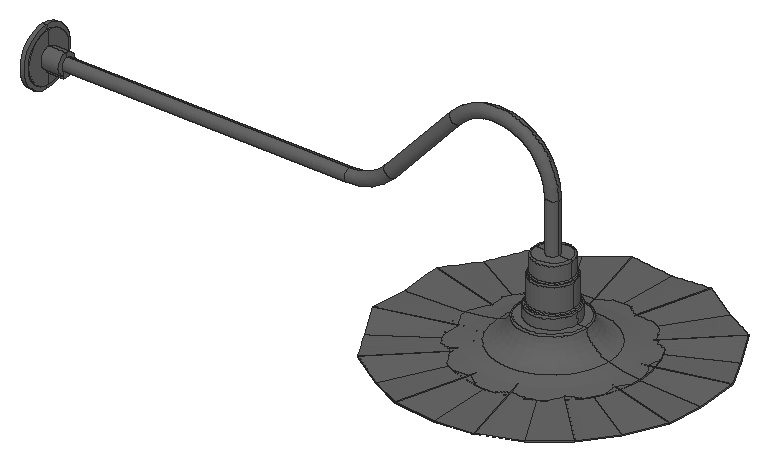
Revit family "Radial 8,12,16,18,20,24 MB", category Lighting Fixtures, Revit 2020 (continued)
Definition of nested family "R908_1"
  Definition of nested family "R908"
    Forms (in)
      SweptBlend 8, solid, material <- "BODY", visible <- "R908"
        path in 3D
          loop
            line (1.2523, 2.16578, 0.20086) -> (1.98612, 3.47207, 0.12929)
        profile origin (1.2523, 2.16578, 0.20086) x (-0.002361, 0.056025, 0.998427) y (0.872159, -0.488335, 0.029465)
          loop
            line (0.0552, -0.81122) -> (0.03124, 0.00092) -> (0.00727, 0.81307) -> (-0.0552, 0.81122) -> (-0.03124, -0.00092) -> (-0.00727, -0.81307) -> (0.0552, -0.81122)
        end profile origin (1.98612, 3.47207, 0.12929) x (-0.002361, 0.056025, 0.998427) y (0.872159, -0.488335, 0.029465)
          loop
            line (0.22658, 1.0511) -> (0.09789, 1.0473) -> (-0.12869, -0.0038) -> (0.15948, -1.0397) -> (0.28817, -1.03591) -> (0, 0) -> (0.22658, 1.0511)
      SweptBlend 9, solid, material <- "BODY", visible <- "R908"
        path in 3D
          loop
            line (0.00163, 2.50177, 0.20086) -> (-0.016, 3.99996, 0.12929)
        profile origin (0.00163, 2.50177, 0.20086) x (0.007958, 0.047805, 0.998825) y (0.999899, 0.01136, -0.00851)
          loop
            line (0.02433, -0.81274) -> (0.03125, -0.00027) -> (0.03817, 0.8122) -> (-0.02433, 0.81274) -> (-0.03125, 0.00027) -> (-0.03817, -0.8122) -> (0.02433, -0.81274)
        end profile origin (-0.016, 3.99996, 0.12929) x (0.007958, 0.047805, 0.998825) y (0.999899, 0.01136, -0.00851)
          loop
            line (0.26637, 1.04172) -> (0.13763, 1.04282) -> (-0.12874, 0.0011) -> (0.11984, -1.04501) -> (0.24858, -1.04611) -> (0, 0) -> (0.26637, 1.04172)
      SweptBlend 10, solid, material <- "BODY", visible <- "R908"
        path in 3D
          loop
            line (-1.24947, 2.16741, 0.20086) -> (-2.01384, 3.45607, 0.12929)
        profile origin (-1.24947, 2.16741, 0.20086) x (0.12027, 0.126023, 0.98471) y (0.851979, 0.496045, -0.167542)
          loop
            line (-0.10548, -0.80623) -> (0.03081, -0.00524) -> (0.16709, 0.79575) -> (0.10548, 0.80623) -> (-0.03081, 0.00524) -> (-0.16709, -0.79575) -> (-0.10548, -0.80623)
        end profile origin (-2.01384, 3.45607, 0.12929) x (0.12027, 0.126023, 0.98471) y (0.851979, 0.496045, -0.167542)
          loop
            line (0.42895, 0.98598) -> (0.30202, 1.00757) -> (-0.12692, 0.02159) -> (-0.04819, -1.05076) -> (0.07873, -1.07235) -> (0, 0) -> (0.42895, 0.98598)
      SweptBlend 11, solid, material <- "BODY", visible <- "R908"
        path in 3D
          loop
            line (-2.16578, 1.2523, 0.20086) -> (-3.47207, 1.98612, 0.12929)
        profile origin (-2.16578, 1.2523, 0.20086) x (0.186285, 0.23866, -0.953068) y (-0.454871, -0.838873, -0.298972)
          loop
            line (-0.27301, 0.7659) -> (-0.02982, -0.00935) -> (0.21337, -0.7846) -> (0.27301, -0.7659) -> (0.02982, 0.00935) -> (-0.21337, 0.7846) -> (-0.27301, 0.7659)
        end profile origin (-3.47207, 1.98612, 0.12929) x (0.186285, 0.23866, -0.953068) y (-0.454871, -0.838873, -0.298972)
          loop
            line (0.06679, -1.07317) -> (0.18963, -1.03463) -> (0.12284, 0.03854) -> (-0.43531, 0.95756) -> (-0.55815, 0.91903) -> (0, 0) -> (0.06679, -1.07317)
      SweptBlend 12, solid, material <- "BODY", visible <- "R908"
        path in 3D
          loop
            line (-2.50177, 0.00163, 0.20086) -> (-3.99996, -0.016, 0.12929)
        profile origin (-2.50177, 0.00163, 0.20086) x (-0.011829, 0.999929, 0.001315) y (0.047691, 0.001878, -0.99886)
          loop
            line (-0.81246, -0.03232) -> (0.00004, -0.03125) -> (0.81254, -0.03018) -> (0.81246, 0.03232) -> (-0.00004, 0.03125) -> (-0.81254, 0.03018) -> (-0.81246, -0.03232)
        end profile origin (-3.99996, -0.016, 0.12929) x (-0.011829, 0.999929, 0.001315) y (0.047691, 0.001878, -0.99886)
          loop
            line (1.04429, -0.25611) -> (1.04412, -0.12737) -> (-0.00017, 0.12875) -> (-1.04379, -0.13012) -> (-1.04362, -0.25886) -> (0, 0) -> (1.04429, -0.25611)
      SweptBlend 13, solid, material <- "BODY", visible <- "R908"
        path in 3D
          loop
            line (-2.16741, -1.24947, 0.20086) -> (-3.45607, -2.01384, 0.12929)
        profile origin (-2.16741, -1.24947, 0.20086) x (-0.000547, 0.094133, -0.99556) y (0.511803, -0.855262, -0.081148)
          loop
            line (-0.09715, 0.80728) -> (-0.03115, -0.00254) -> (0.03486, -0.81235) -> (0.09715, -0.80728) -> (0.03115, 0.00254) -> (-0.03486, 0.81235) -> (-0.09715, 0.80728)
        end profile origin (-3.45607, -2.01384, 0.12929) x (-0.000547, 0.094133, -0.99556) y (0.511803, -0.855262, -0.081148)
          loop
            line (-0.17183, -1.06142) -> (-0.0435, -1.05096) -> (0.12832, 0.01046) -> (-0.21313, 1.03005) -> (-0.34145, 1.01959) -> (0, 0) -> (-0.17183, -1.06142)
    Lines and regions (in)
      sketch lines
        curve 1: line (-0.00163, -2.50177, 0.20086) -> (0.016, -3.99996, 0.12929)
        curve 2: line (-1.2523, -2.16578, 0.20086) -> (-1.98612, -3.47207, 0.12929)
        curve 3: line (1.24947, -2.16741, 0.20086) -> (2.01384, -3.45607, 0.12929)
        curve 4: line (2.16578, -1.2523, 0.20086) -> (3.47207, -1.98612, 0.12929)
        curve 5: line (2.50177, -0.00163, 0.20086) -> (3.99996, 0.016, 0.12929)
        curve 6: line (2.16741, 1.24947, 0.20086) -> (3.45607, 2.01384, 0.12929)
        curve 7: line (1.2523, 2.16578, 0.20086) -> (1.98612, 3.47207, 0.12929)
        curve 8: line (0.00163, 2.50177, 0.20086) -> (-0.016, 3.99996, 0.12929)
        curve 9: line (-1.24947, 2.16741, 0.20086) -> (-2.01384, 3.45607, 0.12929)
        curve 10: line (-2.16578, 1.2523, 0.20086) -> (-3.47207, 1.98612, 0.12929)
        curve 11: line (-2.50177, 0.00163, 0.20086) -> (-3.99996, -0.016, 0.12929)
        curve 12: line (-2.16741, -1.24947, 0.20086) -> (-3.45607, -2.01384, 0.12929)
    Dimensions and locks (in)
      plane 5 to plane 3 "Center (Left/Right)" = 0' - 4"
      plane 4 to plane 2 = 0' - 4 1/2"
      plane 6 to plane 1 "Center (Front/Back)" = 0' - 4"
      aligned and locked: plane 2 to level
Definition of nested family "R912_1"
  Parameters (values of type "R912_1")
    R912 [instance] = yes
    Light Elevation [instance] = 1' - 5.38909"
    Default Elevation = 0' - 0"
    Body [instance] = none
  Reference planes (in)
    plane 1 "Center (Front/Back)": y = 0
    plane 2: z = 0
    plane 3 "Center (Left/Right)": x = 0
    plane 4: z = 17.38909
  Dimensions and locks (in)
    "Light Elevation": plane 4 to plane 2
    aligned and locked: plane 2 to level
    aligned and locked: plane 3 "Center (Left/Right)" to nested 1
    aligned and locked: plane 1 "Center (Front/Back)" to nested 1
    aligned and locked: plane 4 to nested 1
  Nested families (in)
    nested 1: "R912" at (0, 0, 12.26409), BODY <- "Body", visible <- "R912", R912 <- "R912", type "R912"
      with R912 yes, BODY none
  Definition of nested family "R912"
    Parameters (values of type "R912")
      R912 [instance] = yes
      BODY [instance] = none
      Default Elevation = 0' - 0"
    Reference planes (in)
      plane 1 "Center (Front/Back)": y = 0
      plane 2: z = 0
      plane 3 "Center (Left/Right)": x = 0
      plane 4: z = 5.125
      plane 5: x = 6
      plane 6: y = 6
      plane 7: x = -6
      plane 8: y = -6
    Forms (in)
      Revolve 1, solid, material <- "BODY", visible <- "R912"
        sketch origin (0, 0, -13.05469) x (1, 0, 0) y (0, 0, 1)
          loop
            line (-1.15625, 18.05469) -> (-1.15625, 17.26029)
            arc (-1.15625, 17.26029) -> (-1.17104, 17.2013) -> (-1.21191, 17.15628) r 0.125
            line (-1.21191, 17.15628) -> (-1.28809, 17.1055)
            arc (-1.28809, 17.1055) -> (-1.32896, 17.06047) -> (-1.34375, 17.00149) r 0.125
            line (-1.34375, 17.00149) -> (-1.34375, 15.92689)
            arc (-1.34375, 15.92689) -> (-1.36242, 15.86118) -> (-1.41285, 15.81509) r 0.125
            line (-1.41285, 15.81509) -> (-1.52532, 15.75885)
            arc (-1.52532, 15.75885) -> (-1.57547, 15.71323) -> (-1.59442, 15.64814) r 0.125
            line (-1.59442, 15.64814) -> (-1.60248, 14.72464) -> (-1.8492, 14.72464)
            arc (-1.8492, 14.72464) -> (-3.1843, 13.9002) -> (-4.6464, 13.33062) r 8.64651
            line (-4.6464, 13.33062) -> (-4.57035, 13.27737)
            arc (-4.57035, 13.27737) -> (-3.11423, 13.83998) -> (-1.78725, 14.66214) r 8.40536
            line (-1.78725, 14.66214) -> (-1.54052, 14.66214) -> (-1.53192, 15.64759)
            arc (-1.53192, 15.64759) -> (-1.52244, 15.68014) -> (-1.49737, 15.70295) r 0.0625
            line (-1.49737, 15.70295) -> (-1.3849, 15.75919)
            arc (-1.3849, 15.75919) -> (-1.30925, 15.82832) -> (-1.28125, 15.92689) r 0.1875
            line (-1.28125, 15.92689) -> (-1.28125, 17.00149)
            arc (-1.28125, 17.00149) -> (-1.27385, 17.03098) -> (-1.25342, 17.05349) r 0.0625
            line (-1.25342, 17.05349) -> (-1.17724, 17.10428)
            arc (-1.17724, 17.10428) -> (-1.11594, 17.17181) -> (-1.09375, 17.26029) r 0.1875
            line (-1.09375, 17.26029) -> (-1.09375, 18.06839)
            arc (-1.09375, 18.06839) -> (-1.07544, 18.11258) -> (-1.03125, 18.13089) r 0.0625
            line (-1.03125, 18.13089) -> (-0.1875, 18.13089) -> (-0.1875, 18.17969) -> (-1.03125, 18.17969)
            arc (-1.03125, 18.17969) -> (-1.11964, 18.14308) -> (-1.15625, 18.05469) r 0.125
          axis (0, 18.17969) -> (0, 13.27737)
        angle from 0 to 360
      SweptBlend 2, solid, material <- "BODY", visible <- "R912"
        path in 3D
          loop
            line (-0.00001, -4.26206, 0.20086) -> (-0.00062, -6.01007, 0.11737)
        profile origin (-0.00001, -4.26206, 0.20086) x (0.006605, 0.047706, -0.99884) y (0.999978, -0.000663, 0.006581)
          loop
            line (-0.0259, 0.81269) -> (-0.03125, 0.00021) -> (-0.0366, -0.81228) -> (0.0259, -0.81269) -> (0.03125, -0.00021) -> (0.0366, 0.81228) -> (-0.0259, 0.81269)
        end profile origin (-0.00062, -6.01007, 0.11737) x (0.006605, 0.047706, -0.99884) y (0.999978, -0.000663, 0.006581)
          loop
            line (-0.26436, -1.04224) -> (-0.13562, -1.04308) -> (0.12874, -0.00085) -> (-0.12186, 1.04478) -> (-0.25061, 1.04563) -> (0, 0) -> (-0.26436, -1.04224)
      SweptBlend 3, solid, material <- "BODY", visible <- "R912"
        path in 3D
          loop
            line (-1.45772, -4.00502, 0.20086) -> (-2.05615, -5.6474, 0.11737)
        profile origin (-1.45772, -4.00502, 0.20086) x (-0.439726, 0.204677, -0.874499) y (0.830485, -0.278063, -0.482675)
          loop
            line (-0.41998, 0.69624) -> (-0.02736, -0.0151) -> (0.36526, -0.72644) -> (0.41998, -0.69624) -> (0.02736, 0.0151) -> (-0.36526, 0.72644) -> (-0.41998, 0.69624)
        end profile origin (-2.05615, -5.6474, 0.11737) x (-0.439726, 0.204677, -0.874499) y (0.830485, -0.278063, -0.482675)
          loop
            line (0.27904, -1.0384) -> (0.39175, -0.97619) -> (0.11272, 0.06221) -> (-0.61718, 0.85177) -> (-0.7299, 0.78955) -> (0, 0) -> (0.27904, -1.0384)
      SweptBlend 4, solid, material <- "BODY", visible <- "R912"
        path in 3D
          loop
            line (1.4577, -4.00503, 0.20086) -> (2.05498, -5.64783, 0.11737)
        profile origin (1.4577, -4.00503, 0.20086) x (0.510659, 0.227799, -0.829057) y (0.789138, 0.258597, 0.557126)
          loop
            line (0.42724, 0.69181) -> (-0.02594, 0.01743) -> (-0.47912, -0.65695) -> (-0.42724, -0.69181) -> (0.02594, -0.01743) -> (0.47912, 0.65695) -> (0.42724, 0.69181)
        end profile origin (2.05498, -5.64783, 0.11737) x (0.510659, 0.227799, -0.829057) y (0.789138, 0.258597, 0.557126)
          loop
            line (-0.79599, -0.72287) -> (-0.68913, -0.79468) -> (0.10686, -0.07181) -> (0.47542, 0.93829) -> (0.36856, 1.0101) -> (0, 0) -> (-0.79599, -0.72287)
      SweptBlend 5, solid, material <- "BODY", visible <- "R912"
        path in 3D
          loop
            line (2.73959, -3.26493, 0.20086) -> (3.86272, -4.60438, 0.11737)
        profile origin (2.73959, -3.26493, 0.20086) x (0.004788, 0.066211, -0.997794) y (0.766866, 0.640145, 0.046158)
          loop
            line (0.00633, 0.81308) -> (-0.03122, 0.00144) -> (-0.06876, -0.81019) -> (-0.00633, -0.81308) -> (0.03122, -0.00144) -> (0.06876, 0.81019) -> (0.00633, 0.81308)
        end profile origin (3.86272, -4.60438, 0.11737) x (0.004788, 0.066211, -0.997794) y (0.766866, 0.640145, 0.046158)
          loop
            line (-0.30546, -1.03094) -> (-0.17685, -1.03689) -> (0.12861, -0.00595) -> (-0.08036, 1.04879) -> (-0.20897, 1.05474) -> (0, 0) -> (-0.30546, -1.03094)
      SweptBlend 6, solid, material <- "BODY", visible <- "R912"
        path in 3D
          loop
            line (3.69104, -2.13104, 0.20086) -> (5.20456, -3.00557, 0.11737)
        profile origin (3.69104, -2.13104, 0.20086) x (-0.000101, 0.094865, -0.99549) y (0.502004, 0.860969, 0.081995)
          loop
            line (0.03555, 0.81232) -> (-0.03114, 0.00257) -> (-0.09784, -0.80719) -> (-0.03555, -0.81232) -> (0.03114, -0.00257) -> (0.09784, 0.80719) -> (0.03555, 0.81232)
        end profile origin (5.20456, -3.00557, 0.11737) x (-0.000101, 0.094865, -0.99549) y (0.502004, 0.860969, 0.081995)
          loop
            line (-0.34232, -1.0193) -> (-0.214, -1.02986) -> (0.12831, -0.01057) -> (-0.04261, 1.051) -> (-0.17092, 1.06157) -> (0, 0) -> (-0.34232, -1.0193)
      SweptBlend 7, solid, material <- "BODY", visible <- "R912"
        path in 3D
          loop
            line (4.19731, -0.74011, 0.20086) -> (5.91865, -1.04425, 0.11737)
        profile origin (4.19731, -0.74011, 0.20086) x (-0.015966, 0.179656, -0.9836) y (0.179514, 0.968256, 0.173939)
          loop
            line (0.11071, 0.80553) -> (-0.03077, 0.00544) -> (-0.17226, -0.79464) -> (-0.11071, -0.80553) -> (0.03077, -0.00544) -> (0.17226, 0.79464) -> (0.11071, 0.80553)
        end profile origin (5.91865, -1.04425, 0.11737) x (-0.015966, 0.179656, -0.9836) y (0.179514, 0.968256, 0.173939)
          loop
            line (-0.43535, -0.98317) -> (-0.30857, -1.00559) -> (0.12678, -0.02242) -> (0.05502, 1.05042) -> (-0.07176, 1.07284) -> (0, 0) -> (-0.43535, -0.98317)
      SweptBlend 8, solid, material <- "BODY", visible <- "R912"
        path in 3D
          loop
            line (4.19731, 0.74009, 0.20086) -> (5.91887, 1.04302, 0.11737)
        profile origin (4.19731, 0.74009, 0.20086) x (-0.172631, 0.984888, 0.013971) y (0.049407, -0.005508, 0.998764)
          loop
            line (0.81286, 0.01988) -> (0.00044, 0.03125) -> (-0.81198, 0.04261) -> (-0.81286, -0.01988) -> (-0.00044, -0.03125) -> (0.81198, -0.04261) -> (0.81286, 0.01988)
        end profile origin (5.91887, 1.04302, 0.11737) x (-0.172631, 0.984888, 0.013971) y (0.049407, -0.005508, 0.998764)
          loop
            line (-1.04025, 0.27206) -> (-1.04205, 0.14333) -> (-0.0018, -0.12873) -> (1.04565, 0.11413) -> (1.04745, 0.24286) -> (0, 0) -> (-1.04025, 0.27206)
      SweptBlend 9, solid, material <- "BODY", visible <- "R912"
        path in 3D
          loop
            line (3.69106, 2.13102, 0.20086) -> (5.20518, 3.00449, 0.11737)
        profile origin (3.69106, 2.13102, 0.20086) x (-0.038753, 0.161435, 0.986122) y (0.499904, -0.851357, 0.159019)
          loop
            line (0.1602, -0.79716) -> (0.03085, 0.00498) -> (-0.0985, 0.80711) -> (-0.1602, 0.79716) -> (-0.03085, -0.00498) -> (0.0985, -0.80711) -> (0.1602, -0.79716)
        end profile origin (5.20518, 3.00449, 0.11737) x (-0.038753, 0.161435, 0.986122) y (0.499904, -0.851357, 0.159019)
          loop
            line (0.08801, 1.07163) -> (-0.0391, 1.05114) -> (-0.1271, -0.0205) -> (0.2933, -1.01015) -> (0.4204, -0.98965) -> (0, 0) -> (0.08801, 1.07163)
      SweptBlend 10, solid, material <- "BODY", visible <- "R912"
        path in 3D
          loop
            line (2.73961, 3.26492, 0.20086) -> (3.86367, 4.60358, 0.11737)
        profile origin (2.73961, 3.26492, 0.20086) x (-0.020729, 0.079565, 0.996614) y (0.766154, -0.639158, 0.066963)
          loop
            line (0.08565, -0.80858) -> (0.03118, 0.00209) -> (-0.02329, 0.81277) -> (-0.08565, 0.80858) -> (-0.03118, -0.00209) -> (0.02329, -0.81277) -> (0.08565, -0.80858)
        end profile origin (3.86367, 4.60358, 0.11737) x (-0.020729, 0.079565, 0.996614) y (0.766154, -0.639158, 0.066963)
          loop
            line (0.18692, 1.05887) -> (0.05847, 1.05024) -> (-0.12846, -0.00863) -> (0.19844, -1.03298) -> (0.3269, -1.02435) -> (0, 0) -> (0.18692, 1.05887)
      SweptBlend 11, solid, material <- "BODY", visible <- "R912"
        path in 3D
          loop
            line (1.45772, 4.00502, 0.20086) -> (2.05615, 5.6474, 0.11737)
        profile origin (1.45772, 4.00502, 0.20086) x (-0.012585, 0.055339, 0.998388) y (0.939631, -0.340806, 0.030735)
          loop
            line (0.05624, -0.81115) -> (0.03124, 0.00096) -> (0.00623, 0.81308) -> (-0.05624, 0.81115) -> (-0.03124, -0.00096) -> (-0.00623, -0.81308) -> (0.05624, -0.81115)
        end profile origin (2.05615, 5.6474, 0.11737) x (-0.012585, 0.055339, 0.998388) y (0.939631, -0.340806, 0.030735)
          loop
            line (0.22524, 1.05138) -> (0.09656, 1.04742) -> (-0.12869, -0.00396) -> (0.1608, -1.0395) -> (0.28949, -1.03554) -> (0, 0) -> (0.22524, 1.05138)
      SweptBlend 12, solid, material <- "BODY", visible <- "R912"
        path in 3D
          loop
            line (0.00001, 4.26206, 0.20086) -> (0.00062, 6.01007, 0.11737)
        profile origin (0.00001, 4.26206, 0.20086) x (-0.008024, 0.047711, 0.998829) y (0.999968, 0.000035, 0.008032)
          loop
            line (0.03778, -0.81222) -> (0.03125, 0.00025) -> (0.02472, 0.81273) -> (-0.03778, 0.81222) -> (-0.03125, -0.00025) -> (-0.02472, -0.81273) -> (0.03778, -0.81222)
        end profile origin (0.00062, 6.01007, 0.11737) x (-0.008024, 0.047711, 0.998829) y (0.999968, 0.000035, 0.008032)
          loop
            line (0.24909, 1.04599) -> (0.12034, 1.04496) -> (-0.12874, -0.00104) -> (0.13713, -1.04289) -> (0.26587, -1.04185) -> (0, 0) -> (0.24909, 1.04599)
      SweptBlend 13, solid, material <- "BODY", visible <- "R912"
        path in 3D
          loop
            line (-1.4577, 4.00503, 0.20086) -> (-2.05498, 5.64783, 0.11737)
        profile origin (-1.4577, 4.00503, 0.20086) x (-0.006541, 0.048384, 0.998807) y (0.93993, 0.341209, -0.010373)
          loop
            line (0.02281, -0.81278) -> (0.03125, -0.00032) -> (0.03969, 0.81213) -> (-0.02281, 0.81278) -> (-0.03125, 0.00032) -> (-0.03969, -0.81213) -> (0.02281, -0.81278)
        end profile origin (-2.05498, 5.64783, 0.11737) x (-0.006541, 0.048384, 0.998807) y (0.93993, 0.341209, -0.010373)
          loop
            line (0.26832, 1.04123) -> (0.13958, 1.04256) -> (-0.12874, 0.00134) -> (0.11789, -1.04524) -> (0.24663, -1.04657) -> (0, 0) -> (0.26832, 1.04123)
      SweptBlend 14, solid, material <- "BODY", visible <- "R912"
        path in 3D
          loop
            line (-2.73959, 3.26493, 0.20086) -> (-3.86272, 4.60438, 0.11737)
        profile origin (-2.73959, 3.26493, 0.20086) x (-0.008765, 0.054887, 0.998454) y (0.766831, 0.641215, -0.028517)
          loop
            line (0.00804, -0.81306) -> (0.03124, -0.00089) -> (0.05443, 0.81128) -> (-0.00804, 0.81306) -> (-0.03124, 0.00089) -> (-0.05443, -0.81128) -> (0.00804, -0.81306)
        end profile origin (-3.86272, 4.60438, 0.11737) x (-0.008765, 0.054887, 0.998454) y (0.766831, 0.641215, -0.028517)
          loop
            line (0.28719, 1.03618) -> (0.15849, 1.03985) -> (-0.12869, 0.00368) -> (0.09889, -1.04721) -> (0.22758, -1.05088) -> (0, 0) -> (0.28719, 1.03618)
      SweptBlend 15, solid, material <- "BODY", visible <- "R912"
        path in 3D
          loop
            line (-3.69104, 2.13104, 0.20086) -> (-5.20456, 3.00557, 0.11737)
        profile origin (-3.69104, 2.13104, 0.20086) x (-0.016105, 0.067368, 0.997598) y (0.501746, 0.863556, -0.050216)
          loop
            line (-0.00964, -0.81304) -> (0.03121, -0.00157) -> (0.07206, 0.8099) -> (0.00964, 0.81304) -> (-0.03121, 0.00157) -> (-0.07206, -0.8099) -> (-0.00964, -0.81304)
        end profile origin (-5.20456, 3.00557, 0.11737) x (-0.016105, 0.067368, 0.997598) y (0.501746, 0.863556, -0.050216)
          loop
            line (0.30965, 1.02969) -> (0.18106, 1.03616) -> (-0.12858, 0.00647) -> (0.0761, -1.04911) -> (0.20468, -1.05558) -> (0, 0) -> (0.30965, 1.02969)
      SweptBlend 16, solid, material <- "BODY", visible <- "R912"
        path in 3D
          loop
            line (-4.19731, 0.74011, 0.20086) -> (-5.91865, 1.04425, 0.11737)
        profile origin (-4.19731, 0.74011, 0.20086) x (-0.032249, 0.090724, 0.995354) y (0.177314, 0.980594, -0.083633)
          loop
            line (-0.03689, -0.81226) -> (0.03114, -0.00262) -> (0.09917, 0.80703) -> (0.03689, 0.81226) -> (-0.03114, 0.00262) -> (-0.09917, -0.80703) -> (-0.03689, -0.81226)
        end profile origin (-5.91865, 1.04425, 0.11737) x (-0.032249, 0.090724, 0.995354) y (0.177314, 0.980594, -0.083633)
          loop
            line (0.34399, 1.01873) -> (0.2157, 1.02951) -> (-0.12829, 0.01078) -> (0.04088, -1.05107) -> (0.16918, -1.06185) -> (0, 0) -> (0.34399, 1.01873)
      SweptBlend 17, solid, material <- "BODY", visible <- "R912"
        path in 3D
          loop
            line (-4.19731, -0.74009, 0.20086) -> (-5.91887, -1.04302, 0.11737)
        profile origin (-4.19731, -0.74009, 0.20086) x (-0.075088, 0.155236, 0.98502) y (-0.163108, 0.972592, -0.165711)
          loop
            line (-0.10398, -0.80643) -> (0.03082, -0.00518) -> (0.16561, 0.79606) -> (0.10398, 0.80643) -> (-0.03082, 0.00518) -> (-0.16561, -0.79606) -> (-0.10398, -0.80643)
        end profile origin (-5.91887, -1.04302, 0.11737) x (-0.075088, 0.155236, 0.98502) y (-0.163108, 0.972592, -0.165711)
          loop
            line (0.42711, 0.98677) -> (0.30015, 1.00813) -> (-0.12696, 0.02136) -> (-0.04623, -1.05085) -> (0.08073, -1.07221) -> (0, 0) -> (0.42711, 0.98677)
      SweptBlend 18, solid, material <- "BODY", visible <- "R912"
        path in 3D
          loop
            line (-3.69106, -2.13102, 0.20086) -> (-5.20518, -3.00449, 0.11737)
        profile origin (-3.69106, -2.13102, 0.20086) x (-0.498207, 0.866524, -0.030438) y (0.056534, -0.002566, -0.998397)
          loop
            line (-0.81307, -0.00648) -> (-0.00095, -0.03124) -> (0.81117, -0.05599) -> (0.81307, 0.00648) -> (0.00095, 0.03124) -> (-0.81117, 0.05599) -> (-0.81307, -0.00648)
        end profile origin (-5.20518, -3.00449, 0.11737) x (-0.498207, 0.866524, -0.030438) y (0.056534, -0.002566, -0.998397)
          loop
            line (1.03562, -0.28918) -> (1.03955, -0.16049) -> (0.00392, 0.12869) -> (-1.04739, -0.09687) -> (-1.05132, -0.22556) -> (0, 0) -> (1.03562, -0.28918)
      SweptBlend 19, solid, material <- "BODY", visible <- "R912"
        path in 3D
          loop
            line (-2.73961, -3.26492, 0.20086) -> (-3.86367, -4.60358, 0.11737)
        profile origin (-2.73961, -3.26492, 0.20086) x (-0.058973, 0.111392, -0.992025) y (0.764163, -0.634386, -0.11666)
          loop
            line (-0.12593, 0.80329) -> (-0.03104, -0.00365) -> (0.06386, -0.81059) -> (0.12593, -0.80329) -> (0.03104, 0.00365) -> (-0.06386, 0.81059) -> (-0.12593, 0.80329)
        end profile origin (-3.86367, -4.60358, 0.11737) x (-0.058973, 0.111392, -0.992025) y (0.764163, -0.634386, -0.11666)
          loop
            line (-0.1338, -1.06688) -> (-0.00593, -1.05185) -> (0.12786, 0.01504) -> (-0.24979, 1.02177) -> (-0.37765, 1.00674) -> (0, 0) -> (-0.1338, -1.06688)
    Lines and regions (in)
      sketch lines
        curve 1: line (-0.00001, -4.26206, 0.20086) -> (-0.00062, -6.01007, 0.11737)
        curve 2: line (-1.45772, -4.00502, 0.20086) -> (-2.05615, -5.6474, 0.11737)
        curve 3: line (1.4577, -4.00503, 0.20086) -> (2.05498, -5.64783, 0.11737)
        curve 4: line (2.73959, -3.26493, 0.20086) -> (3.86272, -4.60438, 0.11737)
        curve 5: line (3.69104, -2.13104, 0.20086) -> (5.20456, -3.00557, 0.11737)
        curve 6: line (4.19731, -0.74011, 0.20086) -> (5.91865, -1.04425, 0.11737)
        curve 7: line (4.19731, 0.74009, 0.20086) -> (5.91887, 1.04302, 0.11737)
        curve 8: line (3.69106, 2.13102, 0.20086) -> (5.20518, 3.00449, 0.11737)
        curve 9: line (2.73961, 3.26492, 0.20086) -> (3.86367, 4.60358, 0.11737)
        curve 10: line (1.45772, 4.00502, 0.20086) -> (2.05615, 5.6474, 0.11737)
        curve 11: line (0.00001, 4.26206, 0.20086) -> (0.00062, 6.01007, 0.11737)
        curve 12: line (-1.4577, 4.00503, 0.20086) -> (-2.05498, 5.64783, 0.11737)
        curve 13: line (-2.73959, 3.26493, 0.20086) -> (-3.86272, 4.60438, 0.11737)
        curve 14: line (-3.69104, 2.13104, 0.20086) -> (-5.20456, 3.00557, 0.11737)
        curve 15: line (-4.19731, 0.74011, 0.20086) -> (-5.91865, 1.04425, 0.11737)
        curve 16: line (-4.19731, -0.74009, 0.20086) -> (-5.91887, -1.04302, 0.11737)
        curve 17: line (-3.69106, -2.13102, 0.20086) -> (-5.20518, -3.00449, 0.11737)
        curve 18: line (-2.73961, -3.26492, 0.20086) -> (-3.86367, -4.60358, 0.11737)
    Dimensions and locks (in)
      plane 5 to plane 3 "Center (Left/Right)" = 0' - 6"
      plane 4 to plane 2 = 0' - 5 1/8"
      plane 6 to plane 1 "Center (Front/Back)" = 0' - 6"
      equal spacing: plane 6, plane 1 "Center (Front/Back)", plane 8
      plane 6 to plane 8 = 1' - 0"
      equal spacing: plane 7, plane 3 "Center (Left/Right)", plane 5
      plane 7 to plane 5 = 1' - 0"
      plane 7 to plane 3 "Center (Left/Right)" = 0' - 6"
      aligned and locked: plane 2 to level
    Automatic sketch dimensions
      SweptBlend 2 sketch curve to profile plane = 0' - 0"  (x2)
      profile plane to SweptBlend 2 sketch curve = 0' - 0.12186"
      profile plane to SweptBlend 2 sketch curve = 0' - 0.13562"
      SweptBlend 2 sketch curve to SweptBlend 2 sketch curve = 0' - 0.12874"  (x2)
      SweptBlend 2 sketch curve to profile plane = 0' - 0.00085"
      SweptBlend 2 sketch curve to profile plane = 0' - 0.12874"
      SweptBlend 2 sketch curve to profile plane = 0' - 1.04224"
      SweptBlend 2 sketch curve to SweptBlend 2 sketch curve = 0' - 0.00085"  (x2)
      profile plane to SweptBlend 2 sketch curve = 0' - 1.04478"
      profile plane to SweptBlend 2 sketch curve = 0' - 0.0366"
      profile plane to SweptBlend 2 sketch curve = 0' - 0.00021"
      profile plane to SweptBlend 2 sketch curve = 0' - 0 1/32"
      profile plane to SweptBlend 2 sketch curve = 0' - 0.0259"
      SweptBlend 2 sketch curve to profile plane = 0' - 0.0259"
      SweptBlend 2 sketch curve to profile plane = 0' - 0.00021"
      SweptBlend 2 sketch curve to profile plane = 0' - 0.81228"
      profile plane to SweptBlend 2 sketch curve = 0' - 0.81228"
      SweptBlend 3 sketch curve to profile plane = 0' - 0"  (x2)
      profile plane to SweptBlend 3 sketch curve = 0' - 0 79/128"
      SweptBlend 3 sketch curve to profile plane = 0' - 0.39175"
      SweptBlend 3 sketch curve to SweptBlend 3 sketch curve = 0' - 0.11272"  (x2)
      profile plane to SweptBlend 3 sketch curve = 0' - 0.06221"
      SweptBlend 3 sketch curve to profile plane = 0' - 0.11272"
      SweptBlend 3 sketch curve to profile plane = 0' - 1.0384"
      SweptBlend 3 sketch curve to SweptBlend 3 sketch curve = 0' - 0.06221"  (x2)
      profile plane to SweptBlend 3 sketch curve = 0' - 0.85177"
      SweptBlend 3 sketch curve to profile plane = 0' - 0.36526"
      SweptBlend 3 sketch curve to profile plane = 0' - 0.0151"
      profile plane to SweptBlend 3 sketch curve = 0' - 0 7/256"
      profile plane to SweptBlend 3 sketch curve = 0' - 0.41998"
      SweptBlend 3 sketch curve to profile plane = 0' - 0.41998"
      profile plane to SweptBlend 3 sketch curve = 0' - 0.0151"
      SweptBlend 3 sketch curve to profile plane = 0' - 0.72644"
      profile plane to SweptBlend 3 sketch curve = 0' - 0.72644"
      SweptBlend 4 sketch curve to profile plane = 0' - 0"  (x2)
      SweptBlend 4 sketch curve to profile plane = 0' - 0.47542"
      profile plane to SweptBlend 4 sketch curve = 0' - 0.68913"
      SweptBlend 4 sketch curve to SweptBlend 4 sketch curve = 0' - 0.10686"  (x2)
      SweptBlend 4 sketch curve to profile plane = 0' - 0.07181"
      SweptBlend 4 sketch curve to profile plane = 0' - 0.10686"
      SweptBlend 4 sketch curve to profile plane = 0' - 0.72287"
      SweptBlend 4 sketch curve to SweptBlend 4 sketch curve = 0' - 0.07181"  (x2)
      profile plane to SweptBlend 4 sketch curve = 0' - 0.93829"
      profile plane to SweptBlend 4 sketch curve = 0' - 0.47912"
      profile plane to SweptBlend 4 sketch curve = 0' - 0.01743"
      profile plane to SweptBlend 4 sketch curve = 0' - 0.02594"
      SweptBlend 4 sketch curve to profile plane = 0' - 0.42724"
      profile plane to SweptBlend 4 sketch curve = 0' - 0.42724"
      SweptBlend 4 sketch curve to profile plane = 0' - 0.01743"
      SweptBlend 4 sketch curve to profile plane = 0' - 0.65695"
      profile plane to SweptBlend 4 sketch curve = 0' - 0.65695"
      SweptBlend 5 sketch curve to profile plane = 0' - 0"  (x2)
      profile plane to SweptBlend 5 sketch curve = 0' - 0.08036"
      profile plane to SweptBlend 5 sketch curve = 0' - 0.17685"
      SweptBlend 5 sketch curve to SweptBlend 5 sketch curve = 0' - 0.12861"  (x2)
      SweptBlend 5 sketch curve to profile plane = 0' - 0.00595"
      SweptBlend 5 sketch curve to profile plane = 0' - 0.12861"
      SweptBlend 5 sketch curve to profile plane = 0' - 1.03094"
      SweptBlend 5 sketch curve to SweptBlend 5 sketch curve = 0' - 0.00595"  (x2)
      profile plane to SweptBlend 5 sketch curve = 0' - 1.04879"
      profile plane to SweptBlend 5 sketch curve = 0' - 0.06876"
      profile plane to SweptBlend 5 sketch curve = 0' - 0.00144"
      profile plane to SweptBlend 5 sketch curve = 0' - 0.03122"
      SweptBlend 5 sketch curve to profile plane = 0' - 0.00633"
      profile plane to SweptBlend 5 sketch curve = 0' - 0.00633"
      SweptBlend 5 sketch curve to profile plane = 0' - 0.00144"
      SweptBlend 5 sketch curve to profile plane = 0' - 0.81019"
      profile plane to SweptBlend 5 sketch curve = 0' - 0.81019"
      SweptBlend 6 sketch curve to profile plane = 0' - 0"  (x2)
      profile plane to SweptBlend 6 sketch curve = 0' - 0.04261"
      profile plane to SweptBlend 6 sketch curve = 0' - 0.214"
      SweptBlend 6 sketch curve to SweptBlend 6 sketch curve = 0' - 0.12831"  (x2)
      SweptBlend 6 sketch curve to profile plane = 0' - 0.01057"
      SweptBlend 6 sketch curve to profile plane = 0' - 0.12831"
      SweptBlend 6 sketch curve to profile plane = 0' - 1.0193"
      SweptBlend 6 sketch curve to SweptBlend 6 sketch curve = 0' - 0.01057"  (x2)
      profile plane to SweptBlend 6 sketch curve = 0' - 1.051"
      profile plane to SweptBlend 6 sketch curve = 0' - 0.09784"
      profile plane to SweptBlend 6 sketch curve = 0' - 0.00257"
      profile plane to SweptBlend 6 sketch curve = 0' - 0.03114"
      SweptBlend 6 sketch curve to profile plane = 0' - 0.03555"
      profile plane to SweptBlend 6 sketch curve = 0' - 0.03555"
      SweptBlend 6 sketch curve to profile plane = 0' - 0.00257"
      SweptBlend 6 sketch curve to profile plane = 0' - 0.80719"
      profile plane to SweptBlend 6 sketch curve = 0' - 0.80719"
      SweptBlend 7 sketch curve to profile plane = 0' - 0"  (x2)
      SweptBlend 7 sketch curve to profile plane = 0' - 0.05502"
      profile plane to SweptBlend 7 sketch curve = 0' - 0.30857"
      SweptBlend 7 sketch curve to SweptBlend 7 sketch curve = 0' - 0.12678"  (x2)
      SweptBlend 7 sketch curve to profile plane = 0' - 0.02242"
      SweptBlend 7 sketch curve to profile plane = 0' - 0.12678"
      SweptBlend 7 sketch curve to profile plane = 0' - 0.98317"
      SweptBlend 7 sketch curve to SweptBlend 7 sketch curve = 0' - 0.02242"  (x2)
      profile plane to SweptBlend 7 sketch curve = 0' - 1.05042"
      profile plane to SweptBlend 7 sketch curve = 0' - 0.17226"
      profile plane to SweptBlend 7 sketch curve = 0' - 0.00544"
      profile plane to SweptBlend 7 sketch curve = 0' - 0.03077"
      SweptBlend 7 sketch curve to profile plane = 0' - 0.11071"
      profile plane to SweptBlend 7 sketch curve = 0' - 0.11071"
      SweptBlend 7 sketch curve to profile plane = 0' - 0.00544"
      SweptBlend 7 sketch curve to profile plane = 0' - 0.79464"
      profile plane to SweptBlend 7 sketch curve = 0' - 0.79464"
      SweptBlend 8 sketch curve to profile plane = 0' - 0"  (x2)
      SweptBlend 8 sketch curve to profile plane = 0' - 1.04565"
      profile plane to SweptBlend 8 sketch curve = 0' - 1.04205"
      SweptBlend 8 sketch curve to SweptBlend 8 sketch curve = 0' - 0.0018"  (x2)
      SweptBlend 8 sketch curve to profile plane = 0' - 0.12873"
      profile plane to SweptBlend 8 sketch curve = 0' - 0.0018"
      profile plane to SweptBlend 8 sketch curve = 0' - 0.27206"
      SweptBlend 8 sketch curve to SweptBlend 8 sketch curve = 0' - 0.12873"  (x2)
      profile plane to SweptBlend 8 sketch curve = 0' - 0.11413"
      profile plane to SweptBlend 8 sketch curve = 0' - 0.81198"
      profile plane to SweptBlend 8 sketch curve = 0' - 0 1/32"
      SweptBlend 8 sketch curve to profile plane = 0' - 0.00044"
      SweptBlend 8 sketch curve to profile plane = 0' - 0.81286"
      profile plane to SweptBlend 8 sketch curve = 0' - 0.81286"
      SweptBlend 8 sketch curve to profile plane = 0' - 0 1/32"
      profile plane to SweptBlend 8 sketch curve = 0' - 0.04261"
      SweptBlend 8 sketch curve to profile plane = 0' - 0.04261"
      SweptBlend 9 sketch curve to profile plane = 0' - 0"  (x2)
      SweptBlend 9 sketch curve to profile plane = 0' - 0.2933"
      profile plane to SweptBlend 9 sketch curve = 0' - 0.0391"
      SweptBlend 9 sketch curve to SweptBlend 9 sketch curve = 0' - 0.1271"  (x2)
      SweptBlend 9 sketch curve to profile plane = 0' - 0.0205"
      profile plane to SweptBlend 9 sketch curve = 0' - 0.1271"
      profile plane to SweptBlend 9 sketch curve = 0' - 1.07163"
      SweptBlend 9 sketch curve to SweptBlend 9 sketch curve = 0' - 0.0205"  (x2)
      SweptBlend 9 sketch curve to profile plane = 0' - 1.01015"
      profile plane to SweptBlend 9 sketch curve = 0' - 0.0985"
      profile plane to SweptBlend 9 sketch curve = 0' - 0.00498"
      SweptBlend 9 sketch curve to profile plane = 0' - 0.03085"
      SweptBlend 9 sketch curve to profile plane = 0' - 0.1602"
      profile plane to SweptBlend 9 sketch curve = 0' - 0.1602"
      SweptBlend 9 sketch curve to profile plane = 0' - 0.00498"
      profile plane to SweptBlend 9 sketch curve = 0' - 0.80711"
      SweptBlend 9 sketch curve to profile plane = 0' - 0.80711"
      SweptBlend 10 sketch curve to profile plane = 0' - 0"  (x2)
      SweptBlend 10 sketch curve to profile plane = 0' - 0.19844"
      SweptBlend 10 sketch curve to profile plane = 0' - 0.05847"
      SweptBlend 10 sketch curve to SweptBlend 10 sketch curve = 0' - 0.12846"  (x2)
      SweptBlend 10 sketch curve to profile plane = 0' - 0.00863"
      profile plane to SweptBlend 10 sketch curve = 0' - 0.12846"
      profile plane to SweptBlend 10 sketch curve = 0' - 1.05887"
      SweptBlend 10 sketch curve to SweptBlend 10 sketch curve = 0' - 0.00863"  (x2)
      SweptBlend 10 sketch curve to profile plane = 0' - 1.03298"
      profile plane to SweptBlend 10 sketch curve = 0' - 0.02329"
      profile plane to SweptBlend 10 sketch curve = 0' - 0.00209"
      SweptBlend 10 sketch curve to profile plane = 0' - 0.03118"
      SweptBlend 10 sketch curve to profile plane = 0' - 0.08565"
      profile plane to SweptBlend 10 sketch curve = 0' - 0.08565"
      SweptBlend 10 sketch curve to profile plane = 0' - 0.00209"
      profile plane to SweptBlend 10 sketch curve = 0' - 0.81277"
      SweptBlend 10 sketch curve to profile plane = 0' - 0.81277"
      SweptBlend 11 sketch curve to profile plane = 0' - 0"  (x2)
      SweptBlend 11 sketch curve to profile plane = 0' - 0.1608"
      SweptBlend 11 sketch curve to profile plane = 0' - 0.09656"
      SweptBlend 11 sketch curve to SweptBlend 11 sketch curve = 0' - 0.12869"  (x2)
      SweptBlend 11 sketch curve to profile plane = 0' - 0.00396"
      profile plane to SweptBlend 11 sketch curve = 0' - 0.12869"
      profile plane to SweptBlend 11 sketch curve = 0' - 1.05138"
      SweptBlend 11 sketch curve to SweptBlend 11 sketch curve = 0' - 0.00396"  (x2)
      SweptBlend 11 sketch curve to profile plane = 0' - 1.0395"
      SweptBlend 11 sketch curve to profile plane = 0' - 0.00623"
      profile plane to SweptBlend 11 sketch curve = 0' - 0.00096"
      SweptBlend 11 sketch curve to profile plane = 0' - 0 1/32"
      SweptBlend 11 sketch curve to profile plane = 0' - 0.05624"
      profile plane to SweptBlend 11 sketch curve = 0' - 0.05624"
      SweptBlend 11 sketch curve to profile plane = 0' - 0.00096"
      profile plane to SweptBlend 11 sketch curve = 0' - 0.81308"
      SweptBlend 11 sketch curve to profile plane = 0' - 0.81308"
      SweptBlend 12 sketch curve to profile plane = 0' - 0"  (x2)
      SweptBlend 12 sketch curve to profile plane = 0' - 0.13713"
      SweptBlend 12 sketch curve to profile plane = 0' - 0.12034"
      SweptBlend 12 sketch curve to SweptBlend 12 sketch curve = 0' - 0.12874"  (x2)
      SweptBlend 12 sketch curve to profile plane = 0' - 0.00104"
      profile plane to SweptBlend 12 sketch curve = 0' - 0.12874"
      profile plane to SweptBlend 12 sketch curve = 0' - 1.04599"
      SweptBlend 12 sketch curve to SweptBlend 12 sketch curve = 0' - 0.00104"  (x2)
      SweptBlend 12 sketch curve to profile plane = 0' - 1.04289"
      SweptBlend 12 sketch curve to profile plane = 0' - 0.02472"
      profile plane to SweptBlend 12 sketch curve = 0' - 0.00025"
      SweptBlend 12 sketch curve to profile plane = 0' - 0 1/32"
      SweptBlend 12 sketch curve to profile plane = 0' - 0.03778"
      profile plane to SweptBlend 12 sketch curve = 0' - 0.03778"
      SweptBlend 12 sketch curve to profile plane = 0' - 0.00025"
      profile plane to SweptBlend 12 sketch curve = 0' - 0.81273"
      SweptBlend 12 sketch curve to profile plane = 0' - 0.81273"
      SweptBlend 13 sketch curve to profile plane = 0' - 0"  (x2)
      SweptBlend 13 sketch curve to profile plane = 0' - 0.11789"
      SweptBlend 13 sketch curve to profile plane = 0' - 0.13958"
      SweptBlend 13 sketch curve to SweptBlend 13 sketch curve = 0' - 0.12874"  (x2)
      profile plane to SweptBlend 13 sketch curve = 0' - 0.00134"
      profile plane to SweptBlend 13 sketch curve = 0' - 0.12874"
      profile plane to SweptBlend 13 sketch curve = 0' - 1.04123"
      SweptBlend 13 sketch curve to SweptBlend 13 sketch curve = 0' - 0.00134"  (x2)
      SweptBlend 13 sketch curve to profile plane = 0' - 1.04524"
      SweptBlend 13 sketch curve to profile plane = 0' - 0.03969"
      SweptBlend 13 sketch curve to profile plane = 0' - 0.00032"
      SweptBlend 13 sketch curve to profile plane = 0' - 0 1/32"
      SweptBlend 13 sketch curve to profile plane = 0' - 0.02281"
      profile plane to SweptBlend 13 sketch curve = 0' - 0.02281"
      profile plane to SweptBlend 13 sketch curve = 0' - 0.00032"
      profile plane to SweptBlend 13 sketch curve = 0' - 0.81213"
      SweptBlend 13 sketch curve to profile plane = 0' - 0.81213"
      SweptBlend 14 sketch curve to profile plane = 0' - 0"  (x2)
      SweptBlend 14 sketch curve to profile plane = 0' - 0.09889"
      SweptBlend 14 sketch curve to profile plane = 0' - 0.15849"
      SweptBlend 14 sketch curve to SweptBlend 14 sketch curve = 0' - 0.12869"  (x2)
      profile plane to SweptBlend 14 sketch curve = 0' - 0.00368"
      profile plane to SweptBlend 14 sketch curve = 0' - 0.12869"
      profile plane to SweptBlend 14 sketch curve = 0' - 1.03618"
      SweptBlend 14 sketch curve to SweptBlend 14 sketch curve = 0' - 0.00368"  (x2)
      SweptBlend 14 sketch curve to profile plane = 0' - 1.04721"
      SweptBlend 14 sketch curve to profile plane = 0' - 0.05443"
      SweptBlend 14 sketch curve to profile plane = 0' - 0.00089"
      SweptBlend 14 sketch curve to profile plane = 0' - 0 1/32"
      SweptBlend 14 sketch curve to profile plane = 0' - 0.00804"
      profile plane to SweptBlend 14 sketch curve = 0' - 0.00804"
      profile plane to SweptBlend 14 sketch curve = 0' - 0.00089"
      profile plane to SweptBlend 14 sketch curve = 0' - 0.81128"
      SweptBlend 14 sketch curve to profile plane = 0' - 0.81128"
      SweptBlend 15 sketch curve to profile plane = 0' - 0"  (x2)
      SweptBlend 15 sketch curve to profile plane = 0' - 0.0761"
      SweptBlend 15 sketch curve to profile plane = 0' - 0.18106"
      SweptBlend 15 sketch curve to SweptBlend 15 sketch curve = 0' - 0.12858"  (x2)
      profile plane to SweptBlend 15 sketch curve = 0' - 0.00647"
      profile plane to SweptBlend 15 sketch curve = 0' - 0.12858"
      profile plane to SweptBlend 15 sketch curve = 0' - 1.02969"
      SweptBlend 15 sketch curve to SweptBlend 15 sketch curve = 0' - 0.00647"  (x2)
      SweptBlend 15 sketch curve to profile plane = 0' - 1.04911"
      SweptBlend 15 sketch curve to profile plane = 0' - 0.07206"
      SweptBlend 15 sketch curve to profile plane = 0' - 0.00157"
      SweptBlend 15 sketch curve to profile plane = 0' - 0.03121"
      profile plane to SweptBlend 15 sketch curve = 0' - 0.00964"
      SweptBlend 15 sketch curve to profile plane = 0' - 0.00964"
      profile plane to SweptBlend 15 sketch curve = 0' - 0.00157"
      profile plane to SweptBlend 15 sketch curve = 0' - 0.8099"
      SweptBlend 15 sketch curve to profile plane = 0' - 0.8099"
      SweptBlend 16 sketch curve to profile plane = 0' - 0"  (x2)
      SweptBlend 16 sketch curve to profile plane = 0' - 0.04088"
      SweptBlend 16 sketch curve to profile plane = 0' - 0.2157"
      SweptBlend 16 sketch curve to SweptBlend 16 sketch curve = 0' - 0.12829"  (x2)
      profile plane to SweptBlend 16 sketch curve = 0' - 0.01078"
      profile plane to SweptBlend 16 sketch curve = 0' - 0.12829"
      profile plane to SweptBlend 16 sketch curve = 0' - 1.01873"
      SweptBlend 16 sketch curve to SweptBlend 16 sketch curve = 0' - 0.01078"  (x2)
      SweptBlend 16 sketch curve to profile plane = 0' - 1.05107"
      SweptBlend 16 sketch curve to profile plane = 0' - 0.09917"
      SweptBlend 16 sketch curve to profile plane = 0' - 0.00262"
      SweptBlend 16 sketch curve to profile plane = 0' - 0.03114"
      profile plane to SweptBlend 16 sketch curve = 0' - 0.03689"
      SweptBlend 16 sketch curve to profile plane = 0' - 0.03689"
      profile plane to SweptBlend 16 sketch curve = 0' - 0.00262"
      profile plane to SweptBlend 16 sketch curve = 0' - 0.80703"
      SweptBlend 16 sketch curve to profile plane = 0' - 0.80703"
      SweptBlend 17 sketch curve to profile plane = 0' - 0"  (x2)
      profile plane to SweptBlend 17 sketch curve = 0' - 0.04623"
      SweptBlend 17 sketch curve to profile plane = 0' - 0.30015"
      SweptBlend 17 sketch curve to SweptBlend 17 sketch curve = 0' - 0.12696"  (x2)
      profile plane to SweptBlend 17 sketch curve = 0' - 0.02136"
      profile plane to SweptBlend 17 sketch curve = 0' - 0.12696"
      profile plane to SweptBlend 17 sketch curve = 0' - 0.98677"
      SweptBlend 17 sketch curve to SweptBlend 17 sketch curve = 0' - 0.02136"  (x2)
      SweptBlend 17 sketch curve to profile plane = 0' - 1.05085"
      SweptBlend 17 sketch curve to profile plane = 0' - 0.16561"
      SweptBlend 17 sketch curve to profile plane = 0' - 0.00518"
      SweptBlend 17 sketch curve to profile plane = 0' - 0.03082"
      profile plane to SweptBlend 17 sketch curve = 0' - 0.10398"
      SweptBlend 17 sketch curve to profile plane = 0' - 0.10398"
      profile plane to SweptBlend 17 sketch curve = 0' - 0.00518"
      profile plane to SweptBlend 17 sketch curve = 0' - 0.79606"
      SweptBlend 17 sketch curve to profile plane = 0' - 0.79606"
      SweptBlend 18 sketch curve to profile plane = 0' - 0"  (x2)
      profile plane to SweptBlend 18 sketch curve = 0' - 1.04739"
      SweptBlend 18 sketch curve to profile plane = 0' - 1.03955"
      SweptBlend 18 sketch curve to SweptBlend 18 sketch curve = 0' - 0 1/256"  (x2)
      profile plane to SweptBlend 18 sketch curve = 0' - 0.12869"
      SweptBlend 18 sketch curve to profile plane = 0' - 0 1/256"
      SweptBlend 18 sketch curve to profile plane = 0' - 0.28918"
      SweptBlend 18 sketch curve to SweptBlend 18 sketch curve = 0' - 0.12869"  (x2)
      SweptBlend 18 sketch curve to profile plane = 0' - 0.09687"
      SweptBlend 18 sketch curve to profile plane = 0' - 0.81117"
      SweptBlend 18 sketch curve to profile plane = 0' - 0 1/32"
      profile plane to SweptBlend 18 sketch curve = 0' - 0.00095"
      profile plane to SweptBlend 18 sketch curve = 0' - 0.81307"
      SweptBlend 18 sketch curve to profile plane = 0' - 0.81307"
      profile plane to SweptBlend 18 sketch curve = 0' - 0 1/32"
      SweptBlend 18 sketch curve to profile plane = 0' - 0.05599"
      profile plane to SweptBlend 18 sketch curve = 0' - 0.05599"
      SweptBlend 19 sketch curve to profile plane = 0' - 0"  (x2)
      profile plane to SweptBlend 19 sketch curve = 0' - 0.24979"
      profile plane to SweptBlend 19 sketch curve = 0' - 0.00593"
      SweptBlend 19 sketch curve to SweptBlend 19 sketch curve = 0' - 0.12786"  (x2)
      profile plane to SweptBlend 19 sketch curve = 0' - 0.01504"
      SweptBlend 19 sketch curve to profile plane = 0' - 0.12786"
      SweptBlend 19 sketch curve to profile plane = 0' - 1.06688"
      SweptBlend 19 sketch curve to SweptBlend 19 sketch curve = 0' - 0.01504"  (x2)
      profile plane to SweptBlend 19 sketch curve = 0' - 1.02177"
      SweptBlend 19 sketch curve to profile plane = 0' - 0.06386"
      SweptBlend 19 sketch curve to profile plane = 0' - 0.00365"
      profile plane to SweptBlend 19 sketch curve = 0' - 0.03104"
      profile plane to SweptBlend 19 sketch curve = 0' - 0.12593"
      SweptBlend 19 sketch curve to profile plane = 0' - 0.12593"
      profile plane to SweptBlend 19 sketch curve = 0' - 0.00365"
      SweptBlend 19 sketch curve to profile plane = 0' - 0.81059"
      profile plane to SweptBlend 19 sketch curve = 0' - 0.81059"
      Revolve 1 sketch curve to Revolve 1 sketch curve = 0' - 0"  (x9)
      Revolve 1 sketch curve to plane 4 = 0' - 0"
      Revolve 1 sketch curve to plane 3 "Center (Left/Right)" = 0' - 0"
      Revolve 1 sketch curve to plane 4 = 0' - 0.0488"
      Revolve 1 sketch curve to plane 3 "Center (Left/Right)" = 0' - 0 3/16"
      Revolve 1 sketch curve to plane 4 = 0' - 0.1113"
      Revolve 1 sketch curve to Revolve 1 sketch curve = 0' - 0 27/32"
      Revolve 1 sketch curve to Revolve 1 sketch curve = 0' - 0 1/16"  (x5)
      Revolve 1 sketch curve to Revolve 1 sketch curve = 0' - 0.02099"
      Revolve 1 sketch curve to Revolve 1 sketch curve = 0' - 0.03467"  (x3)
      Revolve 1 sketch curve to Revolve 1 sketch curve = 0' - 0.04151"
      Revolve 1 sketch curve to Revolve 1 sketch curve = 0' - 0.06934"
      Revolve 1 sketch curve to Revolve 1 sketch curve = 0' - 0.02783"
      Revolve 1 sketch curve to Revolve 1 sketch curve = 0' - 0.04115"
      Revolve 1 sketch curve to Revolve 1 sketch curve = 0' - 0.02795"  (x3)
      Revolve 1 sketch curve to Revolve 1 sketch curve = 0' - 0.0559"
      Revolve 1 sketch curve to Revolve 1 sketch curve = 0' - 0.08452"
      Revolve 1 sketch curve to Revolve 1 sketch curve = 0' - 0.0086"
      Revolve 1 sketch curve to Revolve 1 sketch curve = 0' - 0.06196"  (x2)
      Revolve 1 sketch curve to Revolve 1 sketch curve = 0' - 0.24673"
      level to Revolve 1 sketch curve = 0' - 0.27594"
      Revolve 1 sketch curve to plane 7 = 0' - 1.3536"
      plane 7 to Revolve 1 sketch curve = 0' - 0.85853"
      Revolve 1 sketch curve to Revolve 1 sketch curve = 0' - 0.18245"
      Revolve 1 sketch curve to Revolve 1 sketch curve = 0' - 0.92241"
      Revolve 1 sketch curve to Revolve 1 sketch curve = 0' - 0.00055"  (x2)
      Revolve 1 sketch curve to Revolve 1 sketch curve = 0' - 0.05624"
      Revolve 1 sketch curve to Revolve 1 sketch curve = 0' - 1.0532"
      Revolve 1 sketch curve to Revolve 1 sketch curve = 0' - 0 13/256"
      Revolve 1 sketch curve to Revolve 1 sketch curve = 0' - 0.27365"
      Revolve 1 sketch curve to Revolve 1 sketch curve = 0' - 0.07605"
      level to Revolve 1 sketch curve = 0' - 0.22269"
      Revolve 1 sketch curve to level = 0' - 1.46174"
      plane 4 to Revolve 1 sketch curve = 0' - 2.16326"
Definition of nested family "R916_1"
  Parameters (values of type "R916_1")
    R916 [instance] = yes
    Light Elevation [instance] = 1' - 5.38909"
    Default Elevation = 0' - 0"
    Body [instance] = none
  Reference planes (in)
    plane 1 "Center (Front/Back)": y = 0
    plane 2: z = 0
    plane 3 "Center (Left/Right)": x = 0
    plane 4: z = 17.38909
  Dimensions and locks (in)
    "Light Elevation": plane 4 to plane 2
    aligned and locked: plane 2 to level
    aligned and locked: plane 3 "Center (Left/Right)" to nested 1
    aligned and locked: plane 1 "Center (Front/Back)" to nested 1
    aligned and locked: plane 4 to nested 1
  Nested families (in)
    nested 1: "R916" at (0, 0, 10.63909), BODY <- "Body", visible <- "R916", R916 <- "R916", type "R916"
      with R916 yes, BODY none
  Definition of nested family "R916"
    Parameters (values of type "R916")
      R916 [instance] = yes
      BODY [instance] = none
      Default Elevation = 0' - 0"
    Reference planes (in)
      plane 1 "Center (Front/Back)": y = 0
      plane 2: z = 0
      plane 3 "Center (Left/Right)": x = 0
      plane 4: z = 6.75
      plane 5: x = 8
      plane 6: x = -8
      plane 7: y = 8
      plane 8: y = -8
    Forms (in)
      Revolve 1, solid, material <- "BODY", visible <- "R916"
        sketch origin (0, 0, -13.05469) x (1, 0, 0) y (0, 0, 1)
          loop
            line (-1.53125, 19.67969) -> (-1.53125, 18.41654)
            arc (-1.53125, 18.41654) -> (-1.54604, 18.35755) -> (-1.58691, 18.31253) r 0.125
            line (-1.58691, 18.31253) -> (-1.66309, 18.26175)
            arc (-1.66309, 18.26175) -> (-1.70396, 18.21672) -> (-1.71875, 18.15774) r 0.125
            line (-1.71875, 18.15774) -> (-1.71875, 16.55189)
            arc (-1.71875, 16.55189) -> (-1.73742, 16.48618) -> (-1.78785, 16.44009) r 0.125
            line (-1.78785, 16.44009) -> (-1.90032, 16.38385)
            arc (-1.90032, 16.38385) -> (-1.95047, 16.33823) -> (-1.96942, 16.27314) r 0.125
            line (-1.96942, 16.27314) -> (-1.97639, 15.47464) -> (-2.58838, 15.47464)
            arc (-2.58838, 15.47464) -> (-2.66508, 15.44834) -> (-2.70951, 15.38051) r 0.125
            arc (-2.70951, 15.38051) -> (-3.35667, 14.25038) -> (-4.49343, 13.61494) r 2.43675
            arc (-4.49343, 13.61494) -> (-5.09065, 13.486) -> (-5.69294, 13.38328) r 13.98551
            arc (-5.69294, 13.38328) -> (-6.19451, 13.33205) -> (-6.6976, 13.29893) r 13.99354
            line (-6.6976, 13.29893) -> (-6.69462, 13.2365)
            arc (-6.69462, 13.2365) -> (-6.18886, 13.26981) -> (-5.68463, 13.32133) r 14.05604
            arc (-5.68463, 13.32133) -> (-5.07915, 13.42457) -> (-4.47876, 13.55418) r 14.04801
            arc (-4.47876, 13.55418) -> (-3.31275, 14.2059) -> (-2.64895, 15.36507) r 2.49925
            arc (-2.64895, 15.36507) -> (-2.62673, 15.39899) -> (-2.58838, 15.41214) r 0.0625
            line (-2.58838, 15.41214) -> (-1.91443, 15.41214) -> (-1.90692, 16.27259)
            arc (-1.90692, 16.27259) -> (-1.89744, 16.30514) -> (-1.87237, 16.32795) r 0.0625
            line (-1.87237, 16.32795) -> (-1.7599, 16.38419)
            arc (-1.7599, 16.38419) -> (-1.68425, 16.45332) -> (-1.65625, 16.55189) r 0.1875
            line (-1.65625, 16.55189) -> (-1.65625, 18.15774)
            arc (-1.65625, 18.15774) -> (-1.64885, 18.18723) -> (-1.62842, 18.20974) r 0.0625
            line (-1.62842, 18.20974) -> (-1.55224, 18.26053)
            arc (-1.55224, 18.26053) -> (-1.49094, 18.32806) -> (-1.46875, 18.41654) r 0.1875
            line (-1.46875, 18.41654) -> (-1.46875, 19.69339)
            arc (-1.46875, 19.69339) -> (-1.45044, 19.73758) -> (-1.40625, 19.75589) r 0.0625
            line (-1.40625, 19.75589) -> (-0.25, 19.75589) -> (-0.25, 19.80469) -> (-1.40625, 19.80469)
            arc (-1.40625, 19.80469) -> (-1.49464, 19.76808) -> (-1.53125, 19.67969) r 0.125
          axis (0, 19.80469) -> (0, 13.2365)
        angle from 0 to 360
      SweptBlend 2, solid, material <- "BODY", visible <- "R916"
        path in 3D
          loop
            line (0, -6.48868, 0.20086) -> (0, -7.98697, 0.12929)
        profile origin (0, -6.48868, 0.20086) x (0, 0.04771, -0.998861) y (1, 0, 0)
          loop
            line (-0.03125, 0.8125) -> (-0.03125, 0) -> (-0.03125, -0.8125) -> (0.03125, -0.8125) -> (0.03125, 0) -> (0.03125, 0.8125) -> (-0.03125, 0.8125)
        end profile origin (0, -7.98697, 0.12929) x (0, 0.04771, -0.998861) y (1, 0, 0)
          loop
            line (-0.25749, -1.04396) -> (-0.12874, -1.04396) -> (0.12875, 0) -> (-0.12874, 1.04396) -> (-0.25749, 1.04396) -> (0, 0) -> (-0.25749, -1.04396)
      SweptBlend 3, solid, material <- "BODY", visible <- "R916"
        path in 3D
          loop
            line (-1.61367, -6.28482, 0.20086) -> (-1.98628, -7.73605, 0.12929)
        profile origin (-1.61367, -6.28482, 0.20086) x (-0.491828, 0.168406, -0.854251) y (0.834505, -0.188737, -0.517667)
          loop
            line (-0.44781, 0.67867) -> (-0.02673, -0.0162) -> (0.39436, -0.71107) -> (0.44781, -0.67867) -> (0.02673, 0.0162) -> (-0.39436, 0.71107) -> (-0.44781, 0.67867)
        end profile origin (-1.98628, -7.73605, 0.12929) x (-0.491828, 0.168406, -0.854251) y (0.834505, -0.188737, -0.517667)
          loop
            line (0.32083, -1.02626) -> (0.43093, -0.95954) -> (0.11011, 0.06672) -> (-0.65114, 0.82609) -> (-0.76125, 0.75937) -> (0, 0) -> (0.32083, -1.02626)
      SweptBlend 4, solid, material <- "BODY", visible <- "R916"
        path in 3D
          loop
            line (1.61367, -6.28482, 0.20086) -> (1.98628, -7.73605, 0.12929)
        profile origin (1.61367, -6.28482, 0.20086) x (0.491828, 0.168406, -0.854251) y (0.834505, 0.188737, 0.517667)
          loop
            line (0.39436, 0.71107) -> (-0.02673, 0.0162) -> (-0.44781, -0.67867) -> (-0.39436, -0.71107) -> (0.02673, -0.0162) -> (0.44781, 0.67867) -> (0.39436, 0.71107)
        end profile origin (1.98628, -7.73605, 0.12929) x (0.491828, 0.168406, -0.854251) y (0.834505, 0.188737, 0.517667)
          loop
            line (-0.76125, -0.75937) -> (-0.65114, -0.82609) -> (0.11011, -0.06672) -> (0.43093, 0.95954) -> (0.32083, 1.02626) -> (0, 0) -> (-0.76125, -0.75937)
      SweptBlend 5, solid, material <- "BODY", visible <- "R916"
        path in 3D
          loop
            line (3.12594, -5.68607, 0.20086) -> (3.84775, -6.99904, 0.12929)
        profile origin (3.12594, -5.68607, 0.20086) x (0.002238, 0.055652, -0.998448) y (0.876605, 0.480351, 0.028739)
          loop
            line (-0.00786, 0.81306) -> (-0.03124, 0.0009) -> (-0.05461, -0.81126) -> (0.00786, -0.81306) -> (0.03124, -0.0009) -> (0.05461, 0.81126) -> (-0.00786, 0.81306)
        end profile origin (3.84775, -6.99904, 0.12929) x (0.002238, 0.055652, -0.998448) y (0.876605, 0.480351, 0.028739)
          loop
            line (-0.28742, -1.03612) -> (-0.15873, -1.03982) -> (0.12869, -0.0037) -> (-0.09865, 1.04723) -> (-0.22735, 1.05093) -> (0, 0) -> (-0.28742, -1.03612)
      SweptBlend 6, solid, material <- "BODY", visible <- "R916"
        path in 3D
          loop
            line (4.44181, -4.73004, 0.20086) -> (5.46746, -5.82225, 0.12929)
        profile origin (4.44181, -4.73004, 0.20086) x (0.009002, 0.073795, -0.997233) y (0.729644, 0.681446, 0.057013)
          loop
            line (0.01518, 0.81296) -> (-0.0312, 0.00178) -> (-0.07757, -0.80939) -> (-0.01518, -0.81296) -> (0.0312, -0.00178) -> (0.07757, 0.80939) -> (0.01518, 0.81296)
        end profile origin (5.46746, -5.82225, 0.12929) x (0.009002, 0.073795, -0.997233) y (0.729644, 0.681446, 0.057013)
          loop
            line (-0.31666, -1.02756) -> (-0.18812, -1.03491) -> (0.12854, -0.00735) -> (-0.06895, 1.0496) -> (-0.19748, 1.05695) -> (0, 0) -> (-0.31666, -1.02756)
      SweptBlend 7, solid, material <- "BODY", visible <- "R916"
        path in 3D
          loop
            line (5.47857, -3.47681, 0.20086) -> (6.74362, -4.27963, 0.12929)
        profile origin (5.47857, -3.47681, 0.20086) x (0.032706, 0.139754, -0.989646) y (0.536343, 0.833074, 0.135369)
          loop
            line (0.07915, 0.80924) -> (-0.03096, 0.00424) -> (-0.14107, -0.80077) -> (-0.07915, -0.80924) -> (0.03096, -0.00424) -> (0.14107, 0.80077) -> (0.07915, 0.80924)
        end profile origin (6.74362, -4.27963, 0.12929) x (0.032706, 0.139754, -0.989646) y (0.536343, 0.833074, 0.135369)
          loop
            line (-0.39659, -0.99943) -> (-0.26903, -1.01688) -> (0.12756, -0.01745) -> (0.01393, 1.05177) -> (-0.11363, 1.06922) -> (0, 0) -> (-0.39659, -0.99943)
      SweptBlend 8, solid, material <- "BODY", visible <- "R916"
        path in 3D
          loop
            line (6.1711, -2.00511, 0.20086) -> (7.59606, -2.46811, 0.12929)
        profile origin (6.1711, -2.00511, 0.20086) x (0.308307, 0.951171, -0.014868) y (0.049969, -0.000585, 0.998751)
          loop
            line (0.81194, 0.04334) -> (-0.00047, 0.03125) -> (-0.81288, 0.01915) -> (-0.81194, -0.04334) -> (0.00047, -0.03125) -> (0.81288, -0.01915) -> (0.81194, 0.04334)
        end profile origin (7.59606, -2.46811, 0.12929) x (0.308307, 0.951171, -0.014868) y (0.049969, -0.000585, 0.998751)
          loop
            line (-1.04767, 0.24192) -> (-1.04576, 0.11319) -> (0.00192, -0.12873) -> (1.04192, 0.14427) -> (1.04001, 0.273) -> (0, 0) -> (-1.04767, 0.24192)
      SweptBlend 9, solid, material <- "BODY", visible <- "R916"
        path in 3D
          loop
            line (6.47587, -0.40743, 0.20086) -> (7.97121, -0.50151, 0.12929)
        profile origin (6.47587, -0.40743, 0.20086) x (0.057507, 0.165067, 0.984604) y (-0.053878, -0.984286, 0.16816)
          loop
            line (0.16759, -0.79564) -> (0.0308, 0.00526) -> (-0.10598, 0.80616) -> (-0.16759, 0.79564) -> (-0.0308, -0.00526) -> (0.10598, -0.80616) -> (0.16759, -0.79564)
        end profile origin (7.97121, -0.50151, 0.12929) x (0.057507, 0.165067, 0.984604) y (-0.053878, -0.984286, 0.16816)
          loop
            line (0.07806, 1.0724) -> (-0.04885, 1.05073) -> (-0.12691, -0.02167) -> (0.30266, -1.00738) -> (0.42956, -0.98571) -> (0, 0) -> (0.07806, 1.0724)
